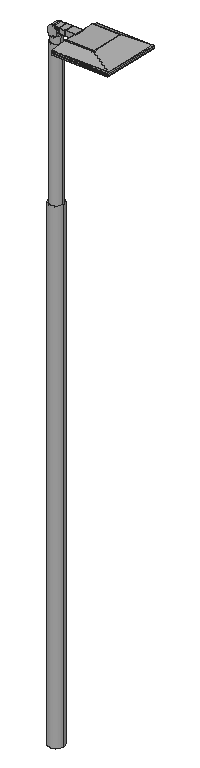
Revit family "Platek_Tarsius_Pole with 1 Luminair", category Apparecchi per illuminazione, Revit 2017
Family settings
  Quota connettore circolare = Usa diametro
  Tipo di parte = Normale
  Basato su piano di lavoro = Sì
  Sempre verticale = No
  Taglio con vuoti quando caricato = No
  Sorgente d'illuminazione = Sì
  Condiviso = Sì
  Punto di calcolo locali = No
Parameters (values of type "8750718_50,5W_LED_3000K_H4000mm")
  Wattage = 28.5778 W
  Variazione temperatura colore lampada con luminosità attenuata = <Nessuno>
  URL = "www.platek.eu"
  built-in parameter 1150107 = 3000 (stored number, unit not read)
  Supply Voltage Min = 220 V
  Supply Voltage Max = 240 V
  Supply Voltage = 230 V
  Rendi la forma visibile nel rendering = no
  Prospetto di default = 1219.200 mm
  Produttore = "PLATEK SRL"  # constant formula
  Product Page URL = "http://www.platek.eu/ita/catalogo.php?catseaname=tarsius"
  Product Documentation Link = "http://www.platek.eu/ita/catalogo.php?catseaname=tarsius"
  Product Dimension = "L498mm x W350mm x H60mm"
  Power Supply Unit = "Included"
  Pole Dimension = "Ø88,9mm H4000mm"
  built-in parameter 1150110 = 1 (stored number, unit not read)
  built-in parameter 1150109 = 1 (stored number, unit not read)
  built-in parameter 1114218 = 1 (stored number, unit not read)
  built-in parameter 1150112 = 1 (stored number, unit not read)
  PLATEK FInishes = "Painted Aluminium Avalaible in Anthracite/Black/White/Corten/Bronze"
  PLATEK Article Code = "8750718"
  Nota chiave = "Other Led colors available on request"
  Mounting Type = "Ground"
  Modello = "Tarsius"  # constant formula
  built-in parameter 1150137 = (empty or 0)
  built-in parameter 1150132 = 2
  Manufacturer Comment = "Transparent Diffuser and Street Optic"
  Luminaire Wattage = 50.5 W
  Luminaire Luminous Intensity = 2440.96 cd
  Luminaire Luminous Flux = 4245 lm
  Light Source = PLK_Light Source
  Lampada = "LED"
  LED Protection = "Surge protection included"
  built-in parameter 1150105 = 337.81 (stored number, unit not read)
  built-in parameter 1150102 = (empty or 0)
  Insulation Class = "2"
  Immagine tipo = tarsius_pole.jpg
  built-in parameter 1150106 = 3.3781 (stored number, unit not read)
  IP Rating = "IP66"
  IK Rating = "IK 10"
  Heght Pole 2 = if(H Pole 930, 930.000 mm, if(H Pole 930, 930.000 mm, if(H Pole 2730, 2730.000 mm, 930.000 mm)))  # 930.000 mm
  Heght Pole 1 = if(H Pole3000, 3000.000 mm, if(H Pole5000, 5000.000 mm, if(H Pole5200, 5200.000 mm, 930.000 mm)))  # 3000.000 mm
  H Pole5200 = no
  H Pole5000 = no
  H Pole3000 = yes
  H Pole 930 = yes
  H Pole 2730 = no
  Frequency = "0/50/60 Hz"
  Lumens = 4245 lm
  Color Filter = 16777215
  File diagramma fotometrico = "8750718.IES"
  built-in parameter 1114217 = 1 (stored number, unit not read)
  built-in parameter 1150139 = (empty or 0)
  Energy Efficiency Rating = "A/A+/A++"
  Emetti da lunghezza rettangolo = 196.000 mm
  Emetti da larghezza rettangolo = 260.000 mm
  built-in parameter 1150104 = 13.8 (stored number, unit not read)
  built-in parameter 1150115 = 1 (stored number, unit not read)
  built-in parameter 1150114 = 1 (stored number, unit not read)
  built-in parameter 1150113 = 1 (stored number, unit not read)
  Dimmable = "Midnight"
  Diffuse Type = "4mm PMMA transparent difuser"
  Descrizione = "Outdoor Lighting, Street and Park areas"
  Commenti sul tipo = "Parking areas, Urban zones, Roads"
  Colour Temperature = 3000 K
  built-in parameter 1150134 = (empty or 0)
  built-in parameter 1150138 = (empty or 0)
  Codice assieme = "8750718.06(Grey); 8750718.08(Anthracite); 8750718.01(Black); 8750718.02(White); 8750718.07(Corten); 8750718.09(Bronze)"
  Apparent Load = 0 VA
  Cable Lenght = "Cable length 8 m"
  CRI = ">80"
  Body = PLK_Grey
  Beam Angle = 0.00°
  Angolo inclinazione = 90.00°
  Aluminium = PLK_Aluminium
  built-in parameter 1150133 = 10 (stored number, unit not read)
Types (13, lengths in mm): name | Wattage | Pole Dimension | PLATEK Article Code | Manufacturer Comment | Luminaire Wattage | Luminaire Luminous Intensity | Luminaire Luminous Flux | built-in parameter 1150105 | built-in parameter 1150106 | Heght Pole 2 | Heght Pole 1 | H Pole5200 | H Pole5000 | H Pole3000 | H Pole 930 | H Pole 2730 | Lumens | File diagramma fotometrico | Emetti da lunghezza rettangolo | Emetti da larghezza rettangolo | Dimmable | Codice assieme | Aluminium
  (no name) | 28.5778 W | "Ø88,9mm H4000mm" | "8750718" | "Transparent Diffuser and Street Optic" | 50.5 W | 2440.96 cd | 4245 lm | 337.81 (stored number, unit not read) | 3.3781 (stored number, unit not read) | 930.000 | 3000.000 | no | no | yes | yes | no | 4245 lm | "8750718.IES" | 196.000 | 260.000 | "Midnight" | "8750718.06(Grey); 8750718.08(Anthracite); 8750718.01(Black); 8750718.02(White); 8750718.07(Corten); 8750718.09(Bronze)" | PLK_Aluminium
  8750918_57,8W_LED_3000K_H4000mm | 34.4414 W | "Ø88,9mm H4000mm" | "8750918" | "Transparent Diffuser and Street Optic" | 57.8 W | 2942 cd | 5116 lm | 2941.8 (stored number, unit not read) | 29.418 (stored number, unit not read) | 930.000 | 3000.000 | no | no | yes | yes | no | 5116 lm | "8750918.IES" | 196.000 | 260.000 | "DALI" | "8750918.06(Grey); 8750918.08(Anthracite); 8750918.01(Black); 8750918.02(White); 8750918.07(Corten); 8750918.09(Bronze)" | PLK_Light Source
  8750719_50,5W_LED_3000K_H4000mm | 28.5778 W | "Ø88,9mm H4000mm" | "8750719" | "Transparent Diffuser and Asymmetrical Optic" | 50.5 W | 2440.96 cd | 4245 lm | 337.81 (stored number, unit not read) | 3.3781 (stored number, unit not read) | 930.000 | 3000.000 | no | no | yes | yes | no | 4245 lm | "8750719.IES" | 196.000 | 260.000 | "Midnight" | "8750719.06(Grey); 8750719.08(Anthracite); 8750719.01(Black); 8750719.02(White); 8750719.07(Corten); 8750719.09(Bronze)" | PLK_Light Source
  8750718_50,5W_LED_3000K_H4000mm | 28.5778 W | "Ø88,9mm H4000mm" | "8750718" | "Transparent Diffuser and Street Optic" | 50.5 W | 2440.96 cd | 4245 lm | 337.81 (stored number, unit not read) | 3.3781 (stored number, unit not read) | 930.000 | 3000.000 | no | no | yes | yes | no | 4245 lm | "8750718.IES" | 196.000 | 260.000 | "Midnight" | "8750718.06(Grey); 8750718.08(Anthracite); 8750718.01(Black); 8750718.02(White); 8750718.07(Corten); 8750718.09(Bronze)" | PLK_Aluminium
  8750919_57,8W_LED_3000K_H4000mm | 30.86 W | "Ø88,9mm H6000mm" | "8750919" | "Transparent Diffuser and Asymmetrical Optic" | 57.8 W | 2701.98 cd | 4584 lm | 2701.9 (stored number, unit not read) | 27.019 (stored number, unit not read) | 930.000 | 3000.000 | no | no | yes | yes | no | 4584 lm | "8750919.IES" | 196.000 | 260.000 | "DALI" | "8750919.06(Grey); 8750919.08(Anthracite); 8750919.01(Black); 8750919.02(White); 8750919.07(Corten); 8750919.09(Bronze)" | PLK_Light Source
  8750718_50,5W_LED_3000K_H6000mm | 28.5778 W | "Ø88,9mm H6000mm" | "8750718" | "Transparent Diffuser and Street Optic" | 50.5 W | 2440.96 cd | 4245 lm | 337.81 (stored number, unit not read) | 3.3781 (stored number, unit not read) | 930.000 | 5000.000 | no | yes | no | yes | no | 4245 lm | "8750718.IES" | 260.000 | 196.000 | "Midnight" | "8750718.06(Grey); 8750718.08(Anthracite); 8750718.01(Black); 8750718.02(White); 8750718.07(Corten); 8750718.09(Bronze)" | PLK_Aluminium
  8750718_50,5W_LED_3000K_H8000mm | 28.5778 W | "Ø88,9mm H8000mm" | "8750718" | "Transparent Diffuser and Street Optic" | 50.5 W | 2440.96 cd | 4245 lm | 337.81 (stored number, unit not read) | 3.3781 (stored number, unit not read) | 2730.000 | 5200.000 | yes | no | no | no | yes | 4245 lm | "8750718.IES" | 196.000 | 260.000 | "Midnight" | "8750718.06(Grey); 8750718.08(Anthracite); 8750718.01(Black); 8750718.02(White); 8750718.07(Corten); 8750718.09(Bronze)" | PLK_Aluminium
  8750719_50,7W_LED_3000K_H6000mm | 28.5778 W | "Ø88,9mm H6000mm" | "8750719" | "Transparent Diffuser and Asymmetrical Optic" | 50.5 W | 2440.96 cd | 4245 lm | 337.81 (stored number, unit not read) | 3.3781 (stored number, unit not read) | 930.000 | 5000.000 | no | yes | no | yes | no | 4245 lm | "8750719.IES" | 196.000 | 260.000 | "Midnight" | "8750719.06(Grey); 8750719.08(Anthracite); 8750719.01(Black); 8750719.02(White); 8750719.07(Corten); 8750719.09(Bronze)" | PLK_Light Source
  8750719_50,7W_LED_3000K_H8000mm | 28.5778 W | "Ø88,9mm H8000mm" | "8750719" | "Transparent Diffuser and Asymmetrical Optic" | 50.5 W | 2440.96 cd | 4245 lm | 337.81 (stored number, unit not read) | 3.3781 (stored number, unit not read) | 2730.000 | 5200.000 | yes | no | no | no | yes | 4245 lm | "8750719.IES" | 196.000 | 260.000 | "Midnight" | "8750719.06(Grey); 8750719.08(Anthracite); 8750719.01(Black); 8750719.02(White); 8750719.07(Corten); 8750719.09(Bronze)" | PLK_Light Source
  8750918_57,8W_LED_3000K_H6000mm | 34.4414 W | "Ø88,9mm H6000mm" | "8750918" | "Transparent Diffuser and Street Optic" | 57.8 W | 2942 cd | 5116 lm | 407.12 (stored number, unit not read) | 4.0712 (stored number, unit not read) | 930.000 | 5000.000 | no | yes | no | yes | no | 5116 lm | "8750918.IES" | 196.000 | 260.000 | "DALI" | "8750918.06(Grey); 8750918.08(Anthracite); 8750918.01(Black); 8750918.02(White); 8750918.07(Corten); 8750918.09(Bronze)" | PLK_Light Source
  8750918_57,8W_LED_3000K_H8000mm | 34.4414 W | "Ø88,9mm H6000mm" | "8750918" | "Transparent Diffuser and Street Optic" | 57.8 W | 2942 cd | 5116 lm | 407.12 (stored number, unit not read) | 4.0712 (stored number, unit not read) | 2730.000 | 5200.000 | yes | no | no | no | yes | 5116 lm | "8750918.IES" | 196.000 | 260.000 | "DALI" | "8750918.06(Grey); 8750918.08(Anthracite); 8750918.01(Black); 8750918.02(White); 8750918.07(Corten); 8750918.09(Bronze)" | PLK_Light Source
  8750919_57,8W_LED_3000K_H6000mm | 30.86 W | "Ø88,9mm H6000mm" | "8750919" | "Transparent Diffuser and Asymmetrical Optic" | 57.8 W | 2701.98 cd | 4584 lm | 364.78 (stored number, unit not read) | 3.6478 (stored number, unit not read) | 930.000 | 5000.000 | no | yes | no | yes | no | 4584 lm | "8750919.IES" | 196.000 | 260.000 | "DALI" | "8750919.06(Grey); 8750919.08(Anthracite); 8750919.01(Black); 8750919.02(White); 8750919.07(Corten); 8750919.09(Bronze)" | PLK_Light Source
  8750919_57,8W_LED_3000K_H8000mm | 30.86 W | "Ø88,9mm H8000mm" | "8750919" | "Transparent Diffuser and Asymmetrical Optic" | 57.8 W | 2701.98 cd | 4584 lm | 364.78 (stored number, unit not read) | 3.6478 (stored number, unit not read) | 2730.000 | 5200.000 | yes | no | no | no | yes | 4584 lm | "8750918.IES" | 196.000 | 260.000 | "DALI" | "8750919.06(Grey); 8750919.08(Anthracite); 8750919.01(Black); 8750919.02(White); 8750919.07(Corten); 8750919.09(Bronze)" | PLK_Light Source
Reference planes
  plane 1 "Centro (Fronte/Retro)": y = 0
  plane 2: z = 0
  plane 3 "Centro (Sinistra/Destra)": x = 0
  plane 4: z = 3000
  plane 5: z = 3892
  plane 6: z = 3930
  plane 7: y = 175
  plane 8: y = -175
  plane 9: x = 460
  plane 10: x = 110
  plane 11: z = 3990
  plane 12: z = 3938.797
  plane 13: z = 3941.203
  plane 14: x = 414.9
  plane 15: x = 218.9
  plane 16: y = 130
  plane 17: y = -130
  plane 18: z = 3961.959
  plane 19: z = 3933.93
  plane 20: x = 77.7
  plane 21: x = 37.439
  plane 22: z = 3960
  plane 23: y = -30
  plane 24: y = 30
  plane 25: y = 26.026
  plane 26: y = -25.974
  plane 27: x = 316.9
  plane 28: x = 414.9
  plane 29: x = 218.9
  plane 30: x = -44.431
Forms (mm)
  Extrusion 1, solid, material "PLK_Grey" <- "Body", detail levels fine
    sketch origin (0, 0, 1892.5) x (-1, 0, 0) y (0, -1, 0)
      loop
        circle (0, 0) r 44.45
    from -1892.5 to 1107.5
  Extrusion 2, solid, material "PLK_Grey" <- "Body", detail levels fine
    sketch origin (0, 0, 1892.5) x (-1, 0, 0) y (0, -1, 0)
      loop
        circle (0, 0) r 38
    from 1107.5 to 1999.5
  Extrusion 3, solid, material "PLK_Grey" <- "Body", detail levels fine
    sketch origin (0, 0, 0) x (0, 1, 0) y (0, 0, 1)
      loop
        line (174.979, 3941.203) -> (174.673, 3949.959)
        arc (174.673, 3949.959) -> (173.537, 3952.148) -> (171.746, 3953.844) r 7.418
        line (171.746, 3953.844) -> (108.347, 3988.183)
        arc (108.347, 3988.183) -> (105.608, 3989.354) -> (102.699, 3990) r 16.117
        line (102.699, 3990) -> (-101.191, 3990)
        arc (-101.191, 3990) -> (-104.821, 3989.554) -> (-108.235, 3988.244) r 15.005
        line (-108.235, 3988.244) -> (-171.713, 3953.784)
        arc (-171.713, 3953.784) -> (-173.939, 3951.691) -> (-174.845, 3948.772) r 6
        line (-174.845, 3948.772) -> (-174.845, 3941.203) -> (174.979, 3941.203)
    from 110 to 460
  Extrusion 4, void
    sketch origin (0, 0, 0) x (1, 0, 0) y (0, 0, 1)
      loop
        line (460, 3951.278) -> (460, 3990) -> (309.676, 3990)
        arc (309.676, 3990) -> (311.797, 3989.852) -> (313.877, 3989.41) r 15.241
        line (313.877, 3989.41) -> (456.89, 3953.18)
        arc (456.89, 3953.18) -> (458.589, 3952.464) -> (460, 3951.278) r 6.155
    from -250 to 250
  Extrusion 5, void
    sketch origin (0, 0, 0) x (1, 0, 0) y (0, 0, 1)
      loop
        line (110, 3990) -> (110, 3949.959) -> (111.727, 3949.959) -> (113.26, 3954.171) -> (140.534, 3988.633)
        arc (140.534, 3988.633) -> (141.589, 3989.544) -> (142.907, 3990) r 3.703
        line (142.907, 3990) -> (110, 3990)
    from -250 to 250
  Extrusion 6, solid, material "PLK_Grey" <- "Body", detail levels fine
    sketch origin (0, 0, 1892.5) x (-1, 0, 0) y (0, -1, 0)
      loop
        line (-110, -175) -> (-110, 175) -> (-460, 175) -> (-460, -175) -> (-110, -175)
    from 2046.297 to 2048.703
  Extrusion 7, solid, material "PLK_Grey" <- "Body", detail levels fine
    sketch origin (0, 0, 1892.5) x (-1, 0, 0) y (0, -1, 0)
      loop
        line (-110, -174.979) -> (-110, 174.174) -> (-460, 174.174) -> (-460, -174.979) -> (-110, -174.979)
    from 2037.5 to 2046.297
  Extrusion 8, void, detail levels fine
    sketch origin (0, 0, 0) x (0, 1, 0) y (0, 0, 1)
      loop
        line (-130, 3938.797) -> (-130, 3930) -> (130, 3930) -> (130, 3938.797) -> (-130, 3938.797)
    from 218.9 to 414.9
  Extrusion 9, solid, material "PLK_Light Source" <- "Light Source", detail levels fine
    sketch origin (0, 0, 1892.5) x (-1, 0, 0) y (0, -1, 0)
      loop
        line (-218.9, -130) -> (-218.9, 130) -> (-414.9, 130) -> (-414.9, -130) -> (-218.9, -130)
    from 2041.43 to 2046.297
  Extrusion 10, solid, material "PLK_Grey" <- "Body", detail levels medium+fine
    sketch origin (0, 0, 1892.5) x (-1, 0, 0) y (0, -1, 0)
      loop
        line (-77.7, -30.582) -> (-77.7, 29.974) -> (-143.969, 31.116) -> (-143.969, -30.582) -> (-77.7, -30.582)
    from 2067.5 to 2097.5
  Extrusion 11, solid, material "PLK_Grey" <- "Body", detail levels medium+fine
    sketch origin (0, 0, 1892.5) x (-1, 0, 0) y (0, -1, 0)
      loop
        circle (0, 0) r 30
    from 1999.5 to 2037.5
  Extrusion 12, solid, material "PLK_Grey" <- "Body", detail levels medium+fine
    sketch origin (0, 0, 0) x (1, 0, 0) y (0, 0, 1)
      loop
        line (77.7, 3990) -> (37.439, 3990) -> (37.439, 3960) -> (77.7, 3960) -> (77.7, 3990)
    from -30 to 30
  Extrusion 13, solid, material "PLK_Grey" <- "Body", detail levels medium+fine
    sketch origin (0, 0, 0) x (1, 0, 0) y (0, 0, 1)
      loop
        line (37.439, 3990) -> (0, 3990)
        arc (0, 3990) -> (21.213, 3981.213) -> (30, 3960) r 30
        line (30, 3960) -> (31.126, 3955.796)
        arc (31.126, 3955.796) -> (34.009, 3958.308) -> (37.439, 3960) r 14.842
        line (37.439, 3960) -> (37.439, 3990)
    from -26.026 to 25.974
  Extrusion 14, solid, material "PLK_Grey" <- "Body", detail levels medium+fine
    sketch origin (0, 0, 0) x (1, 0, 0) y (0, 0, 1)
      loop
        arc (0, 3990) -> (-21.591, 3980.829) -> (-29.981, 3958.922) r 30
        arc (-29.981, 3958.922) -> (-27.017, 3942.189) -> (-15.176, 3930) r 28.958
        arc (-15.176, 3930) -> (0.417, 3926.001) -> (16.011, 3930) r 32.4
        arc (16.011, 3930) -> (26.331, 3943.449) -> (30, 3960) r 39.162
        arc (30, 3960) -> (21.213, 3981.213) -> (0, 3990) r 30
    from -30 to 30
  Extrusion 15, solid, material "PLK_Grey" <- "Body", detail levels medium
    sketch origin (0, 0, 1892.5) x (-1, 0, 0) y (0, -1, 0)
      loop
        line (-110, -175) -> (-110, 175) -> (-460, 175) -> (-460, -175) -> (-110, -175)
    from 2037.5 to 2097.5
  Extrusion 16, solid, material "PLK_Grey" <- "Body", detail levels medium
    sketch origin (0, 0, 1892.5) x (-1, 0, 0) y (0, -1, 0)
      loop
        circle (0, -0.026) r 44.431
    from -1892.5 to 2037.5
  Extrusion 17, solid, material "PLK_Grey" <- "Body", detail levels coarse
    sketch origin (0, 0, 1892.5) x (-1, 0, 0) y (0, -1, 0)
      loop
        line (44.431, -175) -> (44.431, 175) -> (-460, 175) -> (-460, -175) -> (44.431, -175)
    from -1892.5 to 2097.5
Cuts and joins
  Extrusion 4, Extrusion 5 cuts Extrusion 3
  Extrusion 8 cuts Extrusion 6
  Extrusion 8 cuts Extrusion 7
Dimensions and locks
  "Heght Pole 1": plane 4 to level
  plane 7 to plane 1 "Centro (Fronte/Retro)" = 175.000 mm
  plane 8 to plane 1 "Centro (Fronte/Retro)" = 175.000 mm
  equal spacing: plane 7, plane 1 "Centro (Fronte/Retro)", plane 8, locked at 175 each
  plane 9 to plane 3 "Centro (Sinistra/Destra)" = 460.000 mm
  plane 3 "Centro (Sinistra/Destra)" to plane 10 to plane 9 = 110.000 mm, 350.000 mm
  plane 13 to plane 12 to plane 6 = 2.407 mm locked, 8.797 mm locked
  equal spacing: plane 16, plane 1 "Centro (Fronte/Retro)", plane 17, locked at 130 each
  locked: plane 16 to plane 1 "Centro (Fronte/Retro)" at 130
  plane 10 to plane 15 to plane 14 to plane 9 = 108.900 mm locked, 196.000 mm locked, 45.100 mm locked
  cut or joined group of Extrusion 3, Extrusion 4, Extrusion 5 to plane 18 to plane 11 = 12.000 mm, 28.041 mm
  plane 3 "Centro (Sinistra/Destra)" to plane 21 to plane 20 = 37.439 mm, 40.261 mm
  equal spacing: plane 24, plane 1 "Centro (Fronte/Retro)", plane 23, locked at 30 each
  locked: plane 22 to plane 13 at 18.797
  locked: plane 11 to plane 18 at 28.041
  locked: plane 18 to plane 22 at 1.959
  plane 6 to plane 5 = 38.000 mm
  "Heght Pole 2": plane 6 to plane 4
  locked: plane 19 to plane 6 at 3.93
  equal spacing: plane 29, plane 27, plane 28, locked at 98 each
  Extrusion 15 sketch curve to Extrusion 15 sketch curve = 350.000 mm
  radius of Extrusion 1 sketch curve = 44.450 mm
  radius of Extrusion 11 sketch curve = 30.000 mm
  radius of Extrusion 16 sketch curve = 44.431 mm
  aligned and locked: level to plane 2
  aligned and locked: Extrusion 1 to level
  aligned and locked: plane 4 to Extrusion 1
  aligned and locked: plane 5 to Extrusion 2
  aligned and locked: Extrusion 2 to plane 4
  aligned and locked: plane 3 "Centro (Sinistra/Destra)" to import instance
  aligned and locked: plane 1 "Centro (Fronte/Retro)" to import instance
  aligned and locked: import instance to plane 1 "Centro (Fronte/Retro)"
  aligned and locked: plane 6 to import instance
  aligned and locked: plane 11 to import instance
  aligned and locked: plane 12 to import instance
  aligned and locked: plane 13 to import instance
  aligned and locked: plane 9 to Extrusion 3
  aligned and locked: Extrusion 3 to plane 10
  aligned and locked: plane 13 to Extrusion 6
  aligned and locked: Extrusion 6 to plane 12
  aligned and locked: Extrusion 7 sketch curve to cut or joined group of Extrusion 3, Extrusion 4, Extrusion 5  (x4)
  aligned and locked: plane 12 to Extrusion 7
  aligned and locked: Extrusion 7 to plane 6
  aligned and locked: Extrusion 8 sketch curve to plane 12
  aligned and locked: plane 17 to Extrusion 8 sketch curve
  aligned and locked: plane 6 to Extrusion 8 sketch curve
  aligned and locked: Extrusion 8 sketch curve to plane 16
  aligned and locked: plane 14 to cut or joined group of Extrusion 7, Extrusion 8
  aligned and locked: cut or joined group of Extrusion 7, Extrusion 8 to plane 15
  aligned and locked: plane 12 to Extrusion 9
  aligned and locked: Extrusion 9 to plane 19
  aligned and locked: plane 20 to import instance
  aligned and locked: plane 6 to Extrusion 11
  aligned and locked: Extrusion 11 to plane 5
  aligned and locked: Extrusion 10 to plane 11
  aligned and locked: Extrusion 10 to plane 22
  aligned and locked: import instance to Extrusion 10
  aligned and locked: Extrusion 10 to Extrusion 12 sketch curve
  aligned and locked: plane 20 to Extrusion 12 sketch curve
  aligned and locked: Extrusion 12 sketch curve to plane 22
  aligned and locked: Extrusion 12 sketch curve to plane 21
  aligned and locked: plane 24 to Extrusion 12
  aligned and locked: Extrusion 12 to plane 23
  aligned and locked: plane 24 to Extrusion 14
  aligned and locked: Extrusion 14 to plane 23
  aligned and locked: plane 25 to import instance
  aligned and locked: plane 25 to Extrusion 13
  aligned and locked: Extrusion 13 to plane 26
  aligned and locked: plane 6 to imposter light
  aligned and locked: cut or joined group of Extrusion 7, Extrusion 8 to plane 28
  aligned and locked: imposter light to plane 27
  aligned and locked: imposter light to plane 1 "Centro (Fronte/Retro)"
  aligned and locked: Extrusion 15 sketch curve to cut or joined group of Extrusion 6, Extrusion 8  (x3)
  aligned and locked: Extrusion 15 to plane 11
  aligned and locked: Extrusion 15 to imposter light
  aligned and locked: Extrusion 16 to level
  aligned and locked: plane 6 to Extrusion 16
  aligned and locked: plane 30 to Extrusion 16
  aligned and locked: Extrusion 17 sketch curve to plane 7
  aligned and locked: Extrusion 17 sketch curve to plane 30
  aligned and locked: Extrusion 17 sketch curve to plane 8
  aligned and locked: Extrusion 17 sketch curve to plane 9
  aligned and locked: Extrusion 17 to level
  aligned and locked: Extrusion 17 to plane 11
Automatic sketch dimensions
  plane 1 "Centro (Fronte/Retro)" to Extrusion 1 sketch curve = 0.000 mm
  Extrusion 1 sketch curve to plane 3 "Centro (Sinistra/Destra)" = 0.000 mm
  plane 1 "Centro (Fronte/Retro)" to Extrusion 2 sketch curve = 0.000 mm
  Extrusion 2 sketch curve to plane 3 "Centro (Sinistra/Destra)" = 0.000 mm
  Extrusion 3 sketch curve to plane 13 = 0.000 mm
  plane 11 to Extrusion 3 sketch curve = 0.000 mm
  plane 8 to Extrusion 3 sketch curve = 0.155 mm
  plane 8 to Extrusion 3 sketch curve = 3.287 mm
  Extrusion 3 sketch curve to Extrusion 3 sketch curve = 5.994 mm
  plane 11 to Extrusion 3 sketch curve = 1.756 mm
  plane 8 to Extrusion 3 sketch curve = 66.765 mm
  Extrusion 3 sketch curve to Extrusion 3 sketch curve = 7.044 mm
  plane 11 to Extrusion 3 sketch curve = 15.989 mm
  Extrusion 3 sketch curve to plane 7 = 74.329 mm
  Extrusion 3 sketch curve to Extrusion 3 sketch curve = 2.028 mm
  plane 11 to Extrusion 3 sketch curve = 1.817 mm
  Extrusion 3 sketch curve to plane 7 = 7.388 mm
  Extrusion 3 sketch curve to plane 7 = 3.254 mm
  Extrusion 3 sketch curve to plane 7 = 0.327 mm
  plane 13 to Extrusion 3 sketch curve = 6.480 mm
  plane 13 to Extrusion 3 sketch curve = 7.308 mm
  Extrusion 3 sketch curve to Extrusion 3 sketch curve = 0.261 mm
  Extrusion 3 sketch curve to Extrusion 3 sketch curve = 2.275 mm
  Extrusion 3 sketch curve to plane 7 = 0.021 mm
  Extrusion 4 sketch curve to plane 11 = 0.000 mm
  Extrusion 4 sketch curve to plane 9 = 0.000 mm
  Extrusion 4 sketch curve to plane 9 = 4.621 mm
  plane 11 to Extrusion 4 sketch curve = 0.590 mm
  Extrusion 4 sketch curve to plane 9 = 146.123 mm
  Extrusion 4 sketch curve to Extrusion 4 sketch curve = 4.201 mm
  plane 13 to Extrusion 4 sketch curve = 6.010 mm
  Extrusion 4 sketch curve to plane 9 = 3.110 mm
  Extrusion 4 sketch curve to Extrusion 4 sketch curve = 5.967 mm
  Extrusion 5 sketch curve to plane 10 = 0.000 mm
  Extrusion 5 sketch curve to plane 11 = 0.000 mm
  plane 10 to Extrusion 5 sketch curve = 1.727 mm
  plane 10 to Extrusion 5 sketch curve = 3.260 mm
  plane 11 to Extrusion 5 sketch curve = 1.367 mm
  plane 10 to Extrusion 5 sketch curve = 30.534 mm
  Extrusion 5 sketch curve to Extrusion 5 sketch curve = 2.904 mm
  plane 11 to Extrusion 5 sketch curve = 3.665 mm
  plane 13 to Extrusion 5 sketch curve = 12.967 mm
  Extrusion 5 sketch curve to Extrusion 5 sketch curve = 4.212 mm
  plane 7 to Extrusion 6 sketch curve = 0.000 mm
  Extrusion 6 sketch curve to plane 9 = 0.000 mm
  Extrusion 6 sketch curve to plane 8 = 0.000 mm
  Extrusion 6 sketch curve to plane 10 = 0.000 mm
  plane 10 to Extrusion 10 sketch curve = 33.969 mm
  Extrusion 10 sketch curve to plane 20 = 0.000 mm
  plane 1 "Centro (Fronte/Retro)" to Extrusion 10 sketch curve = 29.974 mm
  plane 1 "Centro (Fronte/Retro)" to Extrusion 10 sketch curve = 31.116 mm
  Extrusion 10 sketch curve to plane 1 "Centro (Fronte/Retro)" = 30.582 mm
  plane 1 "Centro (Fronte/Retro)" to Extrusion 11 sketch curve = 0.000 mm
  Extrusion 11 sketch curve to plane 3 "Centro (Sinistra/Destra)" = 0.000 mm
  Extrusion 9 sketch curve to plane 14 = 0.000 mm
  Extrusion 9 sketch curve to plane 15 = 0.000 mm
  Extrusion 9 sketch curve to plane 16 = 0.000 mm
  Extrusion 9 sketch curve to plane 17 = 0.000 mm
  Extrusion 13 sketch curve to plane 3 "Centro (Sinistra/Destra)" = 0.000 mm
  Extrusion 13 sketch curve to plane 22 = 0.000 mm  (x2)
  Extrusion 13 sketch curve to plane 21 = 0.000 mm
  Extrusion 13 sketch curve to plane 11 = 0.000 mm
  Extrusion 13 sketch curve to plane 22 = 4.204 mm
  Extrusion 13 sketch curve to Extrusion 13 sketch curve = 1.126 mm
  plane 13 to Extrusion 13 sketch curve = 4.751 mm
  Extrusion 14 sketch curve to Extrusion 14 sketch curve = 0.000 mm
  Extrusion 14 sketch curve to plane 6 = 0.000 mm  (x3)
  Extrusion 14 sketch curve to plane 22 = 0.000 mm
  Extrusion 14 sketch curve to plane 3 "Centro (Sinistra/Destra)" = 0.000 mm
  Extrusion 14 sketch curve to plane 11 = 0.000 mm
  Extrusion 14 sketch curve to plane 3 "Centro (Sinistra/Destra)" = 1.239 mm
  Extrusion 14 sketch curve to Extrusion 14 sketch curve = 9.162 mm
  plane 3 "Centro (Sinistra/Destra)" to Extrusion 14 sketch curve = 0.417 mm
  Extrusion 14 sketch curve to plane 22 = 1.599 mm
  Extrusion 14 sketch curve to plane 22 = 1.078 mm
  Extrusion 16 sketch curve to plane 3 "Centro (Sinistra/Destra)" = 0.000 mm
  Extrusion 16 sketch curve to plane 1 "Centro (Fronte/Retro)" = 0.026 mm
  radius of Extrusion 2 sketch curve = 38.000 mm
Connectors
  electrical at (0, 0, 0)
    settings: on Extrusion 1, index 1, voltage 0 V, apparent load 0 VA, apparent load phase1 0 VA, apparent load phase2 0 VA, apparent load phase3 0 VA, power factor 1, load classification "Altro", number of poles 1, system type 31, power factor state 1, is connector primary yes, connector utility no, sub classification motor no, connector description ""
